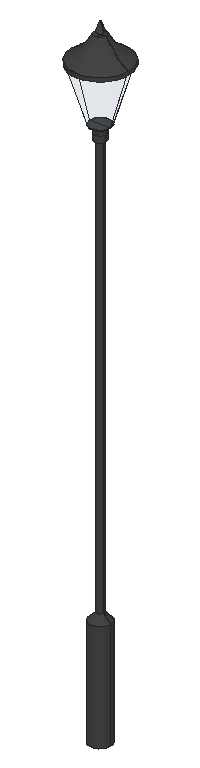
Revit family
Parameters
  Wattage = 250 W
  built-in parameter 1150110 = 1 (stored number, unit not read)
  built-in parameter 1114217 = 1 (stored number, unit not read)
  built-in parameter 1150109 = 1 (stored number, unit not read)
  built-in parameter 1150134 = 3
  built-in parameter 1150113 = 1 (stored number, unit not read)
  Material Post = Metal - Black
  built-in parameter 1150105 = 358.1 (stored number, unit not read)
  Lumens = 4500 lm
  built-in parameter 1150115 = 1 (stored number, unit not read)
  Light Source Height = 0.5 * Lamp height  # 150 mm
  Light Source Symbol Size = 609.6 mm
  built-in parameter 1150137 = (empty or 0)
  built-in parameter 1150139 = (empty or 0)
  Lamp height = 300 mm
  Material Lamp Glazing = Glass - Blue Frosted
  built-in parameter 1150112 = 1 (stored number, unit not read)
  built-in parameter 1150114 = 1 (stored number, unit not read)
  built-in parameter 1150132 = (empty or 0)
  built-in parameter 1150102 = (empty or 0)
  built-in parameter 1150107 = 3200 (stored number, unit not read)
  built-in parameter 1150138 = (empty or 0)
  built-in parameter 1150106 = 3.581 (stored number, unit not read)
  Fixture Height = 3100 mm
  built-in parameter 1150104 = 1.6723 (stored number, unit not read)
  Dimming Lamp Color Temperature Shift = (empty or 0)
  Color Filter = 16777215
  Base Height = 600 mm
  built-in parameter 1114218 = 1 (stored number, unit not read)
  built-in parameter 1150133 = 10 (stored number, unit not read)
Reference planes
  plane 1 "Light Source Axis (F/B)": y = 0
  plane 2: z = 0
  plane 3 "Light Source Axis (L/R)": x = 0
  plane 4 "Fixture Top": z = 3100
  plane 5: z = 600
  plane 6 "Light Source Elevation": z = 3250
Forms (mm)
  Revolve 1, solid, material "Metal - Black" <- "Material Post"
    sketch origin (0, 0, 0) x (1, 0, 0) y (0, 0, 1)
      loop
        line (0, 0) -> (0, 3052.439) -> (-56.42, 3052.439)
        arc (-56.42, 3052.439) -> (-37.836, 3037.521) -> (-32.574, 3014.277) r 36.153
        line (-32.574, 3014.277) -> (-32.574, 2979.277) -> (-17.574, 2979.277) -> (-17.574, 642.426) -> (-60, 600) -> (-60, 0) -> (0, 0)
      loop
        line (0, 3352.439) -> (0, 3566.623) -> (-19.658, 3512.614) -> (-7.574, 3512.614) -> (-7.574, 3500) -> (-32.574, 3500)
        arc (-32.574, 3500) -> (-85.682, 3425.626) -> (-160, 3372.439) r 278.583
        line (-160, 3372.439) -> (-160, 3352.439) -> (0, 3352.439)
      axis (0, 0) -> (0, 3566.623)
    angle from 0 to 360
  Revolve 2, solid, material "Glass - Blue Frosted" <- "Material Lamp Glazing"
    sketch origin (0, 0, 0) x (1, 0, 0) y (0, 0, 1)
      loop
        line (0, 3100) -> (0, 3352.439) -> (-150, 3352.439) -> (-56.42, 3052.439) -> (0, 3052.439) -> (0, 3100)
      axis (0, 3052.439) -> (0, 3352.439)
    angle from 0 to 360
Dimensions and locks
  "Lamp height": Revolve 2 sketch curve to Revolve 2 sketch curve
  Revolve 1 to Revolve 2 sketch curve = 0 mm
  Revolve 2 sketch curve to Revolve 1 = 0 mm
  "Lamp height": Revolve 1 sketch curve to Revolve 1 sketch curve
  locked: Revolve 1 sketch curve to Revolve 1 sketch curve at 147.561
  "Base Height": plane 5 to plane 2
  "Fixture Height": plane 4 "Fixture Top" to plane 2
  "Light Source Height": plane 6 "Light Source Elevation" to plane 4 "Fixture Top"
  aligned and locked: plane 5 to Revolve 1 sketch curve
  aligned and locked: plane 3 "Light Source Axis (L/R)" to imposter light
  aligned and locked: imposter light to plane 1 "Light Source Axis (F/B)"
  aligned and locked: plane 6 "Light Source Elevation" to imposter light
Automatic sketch dimensions
  Revolve 2 sketch curve to plane 3 "Light Source Axis (L/R)" = 0 mm  (x2)
  Revolve 2 sketch curve to plane 4 "Fixture Top" = 0 mm
  Revolve 2 sketch curve to Revolve 2 sketch curve = 56.42 mm
  Revolve 2 sketch curve to plane 3 "Light Source Axis (L/R)" = 150 mm
  Revolve 2 sketch curve to level = 271.696 mm
  Revolve 2 sketch curve to Revolve 2 sketch curve = 1104.865 mm
  Revolve 1 sketch curve to level = 0 mm
  Revolve 1 sketch curve to plane 3 "Light Source Axis (L/R)" = 0 mm  (x3)
  Revolve 1 sketch curve to plane 3 "Light Source Axis (L/R)" = 7.574 mm
  Revolve 1 sketch curve to plane 3 "Light Source Axis (L/R)" = 17.574 mm
  Revolve 1 sketch curve to Revolve 1 sketch curve = 12.084 mm
  Revolve 1 sketch curve to Revolve 1 sketch curve = 15 mm
  Revolve 1 sketch curve to Revolve 1 sketch curve = 12.916 mm
  Revolve 1 sketch curve to Revolve 1 sketch curve = 23.846 mm
  Revolve 1 sketch curve to Revolve 1 sketch curve = 60 mm
  Revolve 1 sketch curve to Revolve 1 sketch curve = 35.922 mm
  Revolve 1 sketch curve to plane 3 "Light Source Axis (L/R)" = 160 mm
  Revolve 1 sketch curve to Revolve 1 sketch curve = 122.773 mm
  Revolve 1 sketch curve to Revolve 1 sketch curve = 271.696 mm
  Revolve 1 sketch curve to plane 5 = 42.426 mm
  Revolve 1 sketch curve to Revolve 1 sketch curve = 73.162 mm
  Revolve 1 sketch curve to Revolve 1 sketch curve = 35 mm
  Revolve 1 sketch curve to Revolve 1 sketch curve = 20 mm
  Revolve 1 sketch curve to Revolve 1 sketch curve = 12.614 mm
  Revolve 1 sketch curve to Revolve 1 sketch curve = 54.009 mm
  Revolve 1 sketch curve to Revolve 1 sketch curve = 698.666 mm
  plane 4 "Fixture Top" to Revolve 1 sketch curve = 120.723 mm
